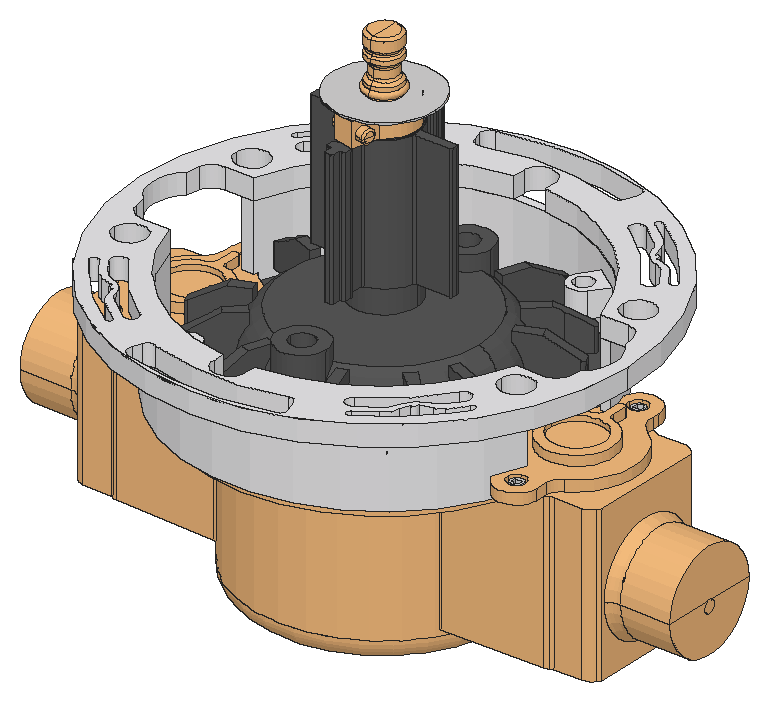
Revit family "Shower-Valves_and_Controls-KALLISTA-P29306_1", category Plumbing Fixtures, host Face, Revit 2022 (continued)
Definition of nested family "P29306"
  Lines and regions (in)
    symbolic lines, detail levels medium+fine
      curve 354: line (-0.1505, 0, 2.49129) -> (-0.1505, 0, 2.42595)
      curve 355: line (0.05883, 0, 2.50134) -> (0.05883, 0, 2.42595)
      curve 356: line (0.06445, 0, 2.53187) -> (0.10516, 0, 2.50336)
      curve 357: line (0.10516, 0, 2.50336) -> (0.10516, 0, 2.42595)
      curve 358: line (0.10992, 0, 2.53187) -> (0.1505, 0, 2.49129)
      curve 359: line (0.1505, 0, 2.49129) -> (0.1505, 0, 2.42595)
      curve 360: line (-0.0213, 0, 2.47857) -> (0.00003, 0, 2.53187)
      curve 361: line (0.00003, 0, 2.53187) -> (0.02836, 0, 2.4914)
      curve 362: line (0.02836, 0, 2.4914) -> (0.02836, 0, 2.42595)
      curve 363: line (0.05883, 0, 2.50134) -> (0.03322, 0, 2.53187)
      curve 364: line (-0.12757, 0, 2.20228) -> (-0.1601, 0, 2.20228)
      curve 365: line (-0.12757, 0, 2.03734) -> (-0.1798, 0, 2.03734)
      curve 366: arc (-0.23581, 0, 2.14146) -> (-0.23708, 0, 2.123) -> (-0.23612, 0, 2.10453) r 0.15324
      curve 367: line (-0.2216, 0, 2.17033) -> (-0.21055, 0, 2.18138)
      curve 368: line (-0.21656, 0, 2.06392) -> (-0.19717, 0, 2.04453)
      curve 369: arc (-0.2216, 0, 2.17033) -> (-0.23109, 0, 2.15707) -> (-0.23581, 0, 2.14146) r 0.04993
      curve 370: arc (-0.19717, 0, 2.04453) -> (-0.1892, 0, 2.0392) -> (-0.1798, 0, 2.03734) r 0.02455
      curve 371: arc (-0.23612, 0, 2.10453) -> (-0.22979, 0, 2.08256) -> (-0.21656, 0, 2.06392) r 0.06825
      curve 372: arc (-0.21055, 0, 2.18138) -> (-0.1874, 0, 2.19685) -> (-0.1601, 0, 2.20228) r 0.07135
      curve 373: line (0.11921, 0, 2.20228) -> (0.1601, 0, 2.20228)
      curve 374: line (0.11921, 0, 2.03734) -> (0.1798, 0, 2.03734)
      curve 375: arc (0.23581, 0, 2.14146) -> (0.23708, 0, 2.123) -> (0.23612, 0, 2.10453) r 0.15324
      curve 376: arc (0.21621, 0, 2.175) -> (0.2294, 0, 2.16022) -> (0.23581, 0, 2.14146) r 0.04993
      curve 377: arc (0.23612, 0, 2.10453) -> (0.22979, 0, 2.08256) -> (0.21656, 0, 2.06392) r 0.06825
      curve 378: arc (0.21621, 0, 2.175) -> (0.19129, 0, 2.1951) -> (0.1601, 0, 2.20228) r 0.07135
      curve 379: arc (0.21656, 0, 2.06392) -> (0.19924, 0, 2.04916) -> (0.1798, 0, 2.03734) r 0.14305
      curve 380: line (-0.19571, 0, 2.77352) -> (0.19571, 0, 2.77352)
      curve 381: line (0.1858, 0, 2.78768) -> (-0.1858, 0, 2.78768)
      curve 382: line (-0.16399, 0, 2.6666) -> (0.16442, 0, 2.6666)
      curve 383: line (-0.14086, 0, 2.77352) -> (-0.15327, 0, 2.73607)
      curve 384: line (-0.15327, 0, 2.73607) -> (-0.15327, 0, 2.67756)
      curve 385: line (-0.15327, 0, 2.67756) -> (-0.14559, 0, 2.6666)
      curve 386: line (-0.07215, 0, 2.77352) -> (-0.10329, 0, 2.74238)
      curve 387: line (-0.10329, 0, 2.74238) -> (-0.10329, 0, 2.68022)
      curve 388: line (-0.10329, 0, 2.68022) -> (-0.09186, 0, 2.6666)
      curve 389: line (-0.10567, 0, 3.00741) -> (-0.18493, 0, 2.94091)
      curve 390: line (-0.18493, 0, 2.94091) -> (-0.18493, 0, 2.82238)
      curve 391: line (-0.18493, 0, 2.82238) -> (-0.15022, 0, 2.78768)
      curve 392: line (-0.06249, 0, 3.00741) -> (-0.13023, 0, 2.93968)
      curve 393: line (-0.13023, 0, 2.93968) -> (-0.13023, 0, 2.84934)
      curve 394: line (-0.13023, 0, 2.84934) -> (-0.10147, 0, 2.78768)
      curve 395: line (-0.00991, 0, 3.00741) -> (-0.07697, 0, 2.94036)
      curve 396: line (-0.07697, 0, 2.94036) -> (-0.07697, 0, 2.86418)
      curve 397: line (-0.07697, 0, 2.86418) -> (-0.04129, 0, 2.78768)
      curve 398: line (0, 0, 2.97946) -> (-0.02858, 0, 2.93864)
      curve 399: line (-0.02858, 0, 2.93864) -> (-0.02858, 0, 2.87901)
      curve 400: line (-0.02858, 0, 2.87901) -> (0.00115, 0, 2.78768)
      curve 401: line (0.10567, 0, 3.00741) -> (0.18493, 0, 2.94091)
      curve 402: line (0.18493, 0, 2.94091) -> (0.18493, 0, 2.82238)
      curve 403: line (0.18493, 0, 2.82238) -> (0.15022, 0, 2.78768)
      curve 404: line (0.06249, 0, 3.00741) -> (0.13023, 0, 2.93968)
      curve 405: line (0.13023, 0, 2.93968) -> (0.13023, 0, 2.84934)
      curve 406: line (0.13023, 0, 2.84934) -> (0.10147, 0, 2.78768)
      curve 407: line (0.00991, 0, 3.00741) -> (0.07697, 0, 2.94036)
      curve 408: line (0.07697, 0, 2.94036) -> (0.07697, 0, 2.86418)
      curve 409: line (0.07697, 0, 2.86418) -> (0.04129, 0, 2.78768)
      curve 410: line (0, 0, 2.97946) -> (0.02858, 0, 2.93864)
      curve 411: line (0.02858, 0, 2.93864) -> (0.02858, 0, 2.87901)
      curve 412: line (0.02858, 0, 2.87901) -> (-0.00115, 0, 2.78768)
      curve 413: line (-0.02178, 0, 2.77352) -> (-0.05682, 0, 2.73176)
      curve 414: line (-0.05682, 0, 2.73176) -> (-0.05682, 0, 2.68587)
      curve 415: line (-0.05682, 0, 2.68587) -> (-0.04332, 0, 2.6666)
      curve 416: line (0.14086, 0, 2.77352) -> (0.15327, 0, 2.73607)
      curve 417: line (0.15327, 0, 2.73607) -> (0.15327, 0, 2.67756)
      curve 418: line (0.15327, 0, 2.67756) -> (0.14559, 0, 2.6666)
      curve 419: line (0.07215, 0, 2.77352) -> (0.10329, 0, 2.74238)
      curve 420: line (0.10329, 0, 2.74238) -> (0.10329, 0, 2.68022)
      curve 421: line (0.10329, 0, 2.68022) -> (0.09186, 0, 2.6666)
      curve 422: line (0.02178, 0, 2.77352) -> (0.05682, 0, 2.73176)
      curve 423: line (0.05682, 0, 2.73176) -> (0.05682, 0, 2.68587)
      curve 424: line (0.05682, 0, 2.68587) -> (0.04332, 0, 2.6666)
      curve 425: line (-0.43163, 0, 0.31102) -> (-0.38941, 0, 1.98396)
      curve 426: line (0.43444, 0, 0.31102) -> (0.37602, 0, 1.98396)
      curve 427: line (-0.03611, 0, 1.67254) -> (-0.03611, 0, 1.93678)
      curve 428: line (0.03359, 0, 1.68954) -> (0.03359, 0, 1.93728)
      curve 429: line (0.0134, 0, 1.95746) -> (-0.01543, 0, 1.95746)
      curve 430: line (-0.04935, 0, 1.65931) -> (-0.07111, 0, 1.65931)
      curve 431: line (0.06583, 0, 1.6573) -> (0.08081, 0, 1.6573)
      curve 432: line (-0.09523, 0, 1.6356) -> (-0.11835, 0, 0.31102)
      curve 433: line (-0.43163, 0, 0.31102) -> (0.43444, 0, 0.31102)
      curve 434: line (0.12016, 0, 0.31102) -> (0.10319, 0, 1.6352)
      curve 435: arc (-0.07111, 0, 1.65931) -> (-0.08802, 0, 1.65239) -> (-0.09523, 0, 1.6356) r 0.02412
      curve 436: arc (0.08081, 0, 1.6573) -> (0.09654, 0, 1.65084) -> (0.10319, 0, 1.6352) r 0.02238
      curve 437: arc (0.06583, 0, 1.6573) -> (0.04303, 0, 1.66674) -> (0.03359, 0, 1.68954) r 0.03224
      curve 438: arc (-0.04935, 0, 1.65931) -> (-0.03999, 0, 1.66318) -> (-0.03611, 0, 1.67254) r 0.01324
      curve 439: arc (-0.03611, 0, 1.93678) -> (-0.03006, 0, 1.9514) -> (-0.01543, 0, 1.95746) r 0.02068
      curve 440: arc (0.03359, 0, 1.93728) -> (0.02768, 0, 1.95155) -> (0.0134, 0, 1.95746) r 0.02018
      curve 441: line (-0.87085, 0, 0.31102) -> (0.87085, 0, 0.31102)
      curve 449: line (-1.36216, 0, -3.1788) -> (1.39375, 0, -3.1788)
      curve 450: line (-1.89182, 0, -2.77202) -> (-3, 0, -2.77202)
      curve 451: line (-3.45099, 0, -2.55764) -> (-4, 0, -2.55764)
      curve 452: line (-4, 0, -2.55764) -> (-4, 0, -1.32055)
      curve 453: arc (-3.22845, 0, -2.67086) -> (-3.32615, 0, -2.58757) -> (-3.45099, 0, -2.55764) r 0.27533
      curve 454: arc (-3, 0, -2.77202) -> (-3.1278, 0, -2.75209) -> (-3.22845, 0, -2.67086) r 0.24951
      curve 455: line (-3.45231, 0, -1.32055) -> (-4, 0, -1.32055)
      curve 456: line (-3.25546, 0, -0.88788) -> (-3.08694, 0, -0.88788)
      curve 457: line (-3.08694, 0, -0.88788) -> (-3.08694, 0, -0.78713)
      curve 458: line (-2.85204, 0, -0.75781) -> (-3.05762, 0, -0.75781)
      curve 459: line (-2.82545, 0, -0.73122) -> (-2.82545, 0, -0.6568)
      curve 460: line (-2.03789, 0, -0.62712) -> (-2.79577, 0, -0.62712)
      curve 461: line (-2.03789, 0, -0.62712) -> (-1.94126, 0, -0.57133)
      curve 462: line (-1.94126, 0, -0.57133) -> (-1.94126, 0, -0.51056)
      curve 463: line (-2.06613, 0, -0.38569) -> (-2.24514, 0, -0.38569)
      curve 464: arc (-1.94126, 0, -0.51056) -> (-1.97783, 0, -0.42226) -> (-2.06613, 0, -0.38569) r 0.12487
      curve 465: arc (-2.82545, 0, -0.6568) -> (-2.81676, 0, -0.63581) -> (-2.79577, 0, -0.62712) r 0.02968
      curve 466: arc (-2.82545, 0, -0.73122) -> (-2.83324, 0, -0.75002) -> (-2.85204, 0, -0.75781) r 0.02659
      curve 467: arc (-3.08694, 0, -0.78713) -> (-3.07835, 0, -0.7664) -> (-3.05762, 0, -0.75781) r 0.02932
      curve 468: line (-3.25546, 0, -1.1237) -> (-3.25546, 0, -0.88788)
      curve 469: arc (-3.45231, 0, -1.32055) -> (-3.31312, 0, -1.26289) -> (-3.25546, 0, -1.1237) r 0.19685
      curve 470: arc (-3.25546, 0, -1.1237) -> (-3.17713, 0, -1.88603) -> (-3.24588, 0, -2.64929) r 3.993
      curve 471: line (-3.25546, 0, -0.88788) -> (3.2406, 0, -0.88788)
      curve 472: line (-2.7692, 0, -1.06457) -> (2.74261, 0, -1.06457)
      curve 473: line (-2.7692, 0, -1.06457) -> (-2.7692, 0, -0.88788)
      curve 474: line (-2.58779, 0, -1.19115) -> (2.53032, 0, -1.19115)
      curve 475: arc (-2.7692, 0, -1.06457) -> (-2.69839, 0, -1.15637) -> (-2.58779, 0, -1.19115) r 0.19328
      curve 476: arc (2.53032, 0, -1.19115) -> (2.6539, 0, -1.1571) -> (2.74261, 0, -1.06457) r 0.24131
      curve 477: line (-2.82545, 0, -0.73122) -> (-2.06468, 0, -0.73122)
      curve 478: line (-2.06468, 0, -0.65836) -> (-2.06468, 0, -0.88788)
      curve 479: line (-1.42781, 0, -0.24825) -> (-1.21203, 0, -0.24825)
      curve 480: line (-1.42781, 0, -0.24825) -> (-1.42781, 0, -0.88788)
      curve 481: line (-1.21203, 0, -0.24825) -> (-1.17851, 0, -0.88788)
      curve 482: line (-3.22156, 0, -2.50563) -> (-1.36216, 0, -2.50563)
      curve 483: line (-1.36216, 0, -2.50563) -> (-1.18178, 0, -3.1788)
      curve 484: arc (-1.61122, 0, -2.98033) -> (-1.52139, 0, -3.12311) -> (-1.36216, 0, -3.1788) r 0.25551
      curve 485: arc (-1.89182, 0, -2.77202) -> (-1.71308, 0, -2.8244) -> (-1.61122, 0, -2.98033) r 0.26899
      curve 486: line (-2.24514, 0, -0.38569) -> (-2.24514, 0, -0.1103)
      curve 487: arc (-2.24514, 0, -0.1103) -> (-2.26862, 0, -0.04089) -> (-2.32942, 0, 0) r 0.11432
      curve 488: line (1.89182, 0, -2.77202) -> (3, 0, -2.77202)
      curve 489: line (3.45099, 0, -2.55764) -> (4, 0, -2.55764)
      curve 490: line (4, 0, -2.55764) -> (4, 0, -1.32055)
      curve 491: arc (3.22845, 0, -2.67086) -> (3.32615, 0, -2.58757) -> (3.45099, 0, -2.55764) r 0.27533
      curve 492: arc (3, 0, -2.77202) -> (3.1278, 0, -2.75209) -> (3.22845, 0, -2.67086) r 0.24951
      curve 493: line (3.45231, 0, -1.32055) -> (4, 0, -1.32055)
      curve 494: line (3.25546, 0, -0.88788) -> (3.08694, 0, -0.88788)
      curve 495: line (3.08694, 0, -0.88788) -> (3.08694, 0, -0.78713)
      curve 496: line (2.85204, 0, -0.75781) -> (3.05762, 0, -0.75781)
      curve 497: line (2.82545, 0, -0.73122) -> (2.82545, 0, -0.6568)
      curve 498: line (2.03789, 0, -0.62712) -> (2.79577, 0, -0.62712)
      curve 499: line (2.03789, 0, -0.62712) -> (1.94126, 0, -0.57133)
      curve 500: line (1.94126, 0, -0.57133) -> (1.94126, 0, -0.51056)
      curve 501: line (2.06613, 0, -0.38569) -> (2.24514, 0, -0.38569)
      curve 502: arc (1.94126, 0, -0.51056) -> (1.97783, 0, -0.42226) -> (2.06613, 0, -0.38569) r 0.12487
      curve 503: arc (2.82545, 0, -0.6568) -> (2.81676, 0, -0.63581) -> (2.79577, 0, -0.62712) r 0.02968
      curve 504: arc (2.82545, 0, -0.73122) -> (2.83324, 0, -0.75002) -> (2.85204, 0, -0.75781) r 0.02659
      curve 505: arc (3.08694, 0, -0.78713) -> (3.07835, 0, -0.7664) -> (3.05762, 0, -0.75781) r 0.02932
      curve 506: line (3.25546, 0, -1.1237) -> (3.25546, 0, -0.88788)
      curve 507: arc (3.45231, 0, -1.32055) -> (3.31312, 0, -1.26289) -> (3.25546, 0, -1.1237) r 0.19685
      curve 508: arc (3.25546, 0, -1.1237) -> (3.17713, 0, -1.88603) -> (3.24588, 0, -2.64929) r 3.993
      curve 509: line (2.74459, 0, -1.06457) -> (2.74459, 0, -0.88788)
      curve 510: line (2.82545, 0, -0.73122) -> (2.06468, 0, -0.73122)
      curve 511: line (2.06468, 0, -0.65836) -> (2.06468, 0, -0.88788)
      curve 512: line (1.42781, 0, -0.24825) -> (1.21203, 0, -0.24825)
      curve 513: line (1.42781, 0, -0.24825) -> (1.42781, 0, -0.88788)
      curve 514: line (1.21203, 0, -0.24825) -> (1.17851, 0, -0.88788)
      curve 515: line (3.22156, 0, -2.50563) -> (1.36216, 0, -2.50563)
      curve 516: line (1.36216, 0, -2.50563) -> (1.18178, 0, -3.1788)
      curve 517: arc (1.61122, 0, -2.98033) -> (1.52139, 0, -3.12311) -> (1.36216, 0, -3.1788) r 0.25551
      curve 518: arc (1.89182, 0, -2.77202) -> (1.71308, 0, -2.8244) -> (1.61122, 0, -2.98033) r 0.26899
      curve 519: line (2.24514, 0, -0.38569) -> (2.24514, 0, -0.1103)
      curve 520: arc (2.24514, 0, -0.1103) -> (2.26862, 0, -0.04089) -> (2.32942, 0, 0) r 0.11432
      curve 521: circle (0, 0, -1.94151) r 0.65051 normal (1, 0, 0)
      curve 522: circle (0, 0, -1.94601) r 0.51698 normal (1, 0, 0)
      curve 523: arc (0, 0.80025, -1.59369) -> (0, -0.02404, -1.04983) -> (0, -0.81666, -1.63888) r 0.86049
      curve 524: arc (0, -0.81666, -2.18108) -> (0, -0.02404, -2.77013) -> (0, 0.80025, -2.22627) r 0.86049
      curve 525: line (0, 0.80025, -1.28015) -> (0, 0.80025, -2.5959)
      curve 526: line (0, 0.6034, -2.79275) -> (0, -0.61981, -2.79275)
      curve 527: line (0, -0.81666, -2.5959) -> (0, -0.81666, -1.21817)
      curve 528: line (0, 0.9971, -1.0833) -> (0, 2.20363, -1.0833)
      curve 529: arc (0, 0.9971, -1.0833) -> (0, 0.8579, -1.14096) -> (0, 0.80025, -1.28015) r 0.19685
      curve 530: line (0, -0.93646, -1.09837) -> (0, -1.69061, -1.09837)
      curve 531: arc (0, -0.81666, -1.21817) -> (0, -0.85175, -1.13346) -> (0, -0.93646, -1.09837) r 0.11979
      curve 532: arc (0, 0.80025, -2.5959) -> (0, 0.74259, -2.7351) -> (0, 0.6034, -2.79275) r 0.19685
      curve 533: arc (0, -0.61981, -2.79275) -> (0, -0.75901, -2.7351) -> (0, -0.81666, -2.5959) r 0.19685
      curve 534: line (0, 0.3708, 2.27311) -> (0, 0.3708, 1.98045)
      curve 535: line (0, 0.3708, 1.98045) -> (0, -0.59723, 1.98045)
      curve 536: line (0, -0.59723, 1.98045) -> (0, -0.59723, 2.27311)
      curve 537: circle (0, -0.45532, 2.11819) r 0.03977 normal (1, 0, 0)
      curve 538: circle (0, -0.46063, 2.11988) r 0.07867 normal (1, 0, 0)
      curve 539: arc (0, -0.47014, 2.19797) -> (0, -0.56014, 2.12858) -> (0, -0.48356, 2.04462) r 0.07723
      curve 540: line (0, 0.04292, 1.98045) -> (0, 0.07206, 0.31102)
      curve 541: line (0, -0.07251, 0.3085) -> (0, -0.04333, 1.98045)
      curve 542: line (0, 0.02562, 1.98045) -> (0, 0.02562, 1.6562)
      curve 543: line (0, -0.02898, 1.65105) -> (0, -0.02898, 1.98045)
      curve 544: line (0, -0.01746, 1.65768) -> (0, 0.02, 1.65768)
      curve 545: line (0, 0.03135, 1.64633) -> (0, 0.03135, 0.84933)
      curve 546: line (0, -0.04871, 0.84203) -> (0, -0.03078, 1.64466)
      curve 547: arc (0, 0.02, 1.65768) -> (0, 0.02803, 1.65436) -> (0, 0.03135, 1.64633) r 0.01135
      curve 548: arc (0, -0.03078, 1.64466) -> (0, -0.02677, 1.65389) -> (0, -0.01746, 1.65768) r 0.01332
      curve 549: line (0, 0.05251, 0.31102) -> (0, 0.05251, 0.821)
      curve 550: line (0, -0.06279, 0.31102) -> (0, -0.05111, 0.8336)
      curve 551: line (0, -0.03379, 0.85054) -> (0, 0.02297, 0.85054)
      curve 552: arc (0, 0.05251, 0.821) -> (0, 0.04386, 0.84189) -> (0, 0.02297, 0.85054) r 0.02954
      curve 553: arc (0, -0.05111, 0.8336) -> (0, -0.04591, 0.8456) -> (0, -0.03379, 0.85054) r 0.01733
      curve 554: line (0, 0.76678, 0.31102) -> (0, 0.76678, 0.83488)
      curve 555: line (0, 0.72872, 0.31102) -> (0, 0.72872, 1.65892)
      curve 556: line (0, 0.58851, 0.31102) -> (0, 0.58851, 2.25626)
      curve 557: line (0, 0.43978, 0.31102) -> (0, 0.43978, 1.95621)
      curve 558: line (0, 0, 1.95621) -> (0, 0.43978, 1.95621)
      curve 559: line (0, 0.17672, 2.80735) -> (0, -0.17798, 2.80735)
      curve 560: line (0, 0, 3.00741) -> (0, 0.02761, 2.97981)
      curve 561: line (0, 0.02761, 2.97981) -> (0, 0.02761, 2.8486)
      curve 562: line (0, 0.02761, 2.8486) -> (0, 0.00331, 2.80735)
      curve 563: line (0, 0.0454, 3.00741) -> (0, 0.07262, 2.9802)
      curve 564: line (0, 0.07262, 2.9802) -> (0, 0.07262, 2.86206)
      curve 565: line (0, 0.07262, 2.86206) -> (0, 0.0471, 2.80735)
      curve 566: line (0, 0.09759, 3.00741) -> (0, 0.11662, 2.97445)
      curve 567: line (0, 0.11662, 2.97445) -> (0, 0.11662, 2.8688)
      curve 568: line (0, 0.11662, 2.8688) -> (0, 0.09426, 2.80735)
      curve 569: line (0, 0.1279, 3.00741) -> (0, 0.15147, 2.96659)
      curve 570: line (0, 0.15147, 2.96659) -> (0, 0.15147, 2.87132)
      curve 571: line (0, 0.15147, 2.87132) -> (0, 0.12164, 2.80735)
      curve 572: line (0, 0, 3.00741) -> (0, -0.02761, 2.97981)
      curve 573: line (0, -0.02761, 2.97981) -> (0, -0.02761, 2.8486)
      curve 574: line (0, -0.02761, 2.8486) -> (0, -0.00331, 2.80735)
      curve 575: line (0, -0.0454, 3.00741) -> (0, -0.07262, 2.9802)
      curve 576: line (0, -0.07262, 2.9802) -> (0, -0.07262, 2.86206)
      curve 577: line (0, -0.07262, 2.86206) -> (0, -0.0471, 2.80735)
      curve 578: line (0, -0.09759, 3.00741) -> (0, -0.11662, 2.97445)
      curve 579: line (0, -0.11662, 2.97445) -> (0, -0.11662, 2.8688)
      curve 580: line (0, -0.11662, 2.8688) -> (0, -0.09426, 2.80735)
      curve 581: line (0, -0.1279, 3.00741) -> (0, -0.15147, 2.96659)
      curve 582: line (0, -0.15147, 2.96659) -> (0, -0.15147, 2.87132)
      curve 583: line (0, -0.15147, 2.87132) -> (0, -0.12164, 2.80735)
      curve 584: line (0, 0, 2.60728) -> (0, 0.02761, 2.63489)
      curve 585: line (0, 0.02761, 2.63489) -> (0, 0.02761, 2.7661)
      curve 586: line (0, 0.02761, 2.7661) -> (0, 0.00331, 2.80735)
      curve 587: line (0, 0.04656, 2.60844) -> (0, 0.07262, 2.6345)
      curve 588: line (0, 0.07262, 2.6345) -> (0, 0.07262, 2.75263)
      curve 589: line (0, 0.07262, 2.75263) -> (0, 0.0471, 2.80735)
      curve 590: line (0, 0.09826, 2.60844) -> (0, 0.11662, 2.64024)
      curve 591: line (0, 0.11662, 2.64024) -> (0, 0.11662, 2.74589)
      curve 592: line (0, 0.11662, 2.74589) -> (0, 0.09426, 2.80735)
      curve 593: line (0, 0.12857, 2.60844) -> (0, 0.15147, 2.64811)
      curve 594: line (0, 0.15147, 2.64811) -> (0, 0.15147, 2.74337)
      curve 595: line (0, 0.15147, 2.74337) -> (0, 0.12164, 2.80735)
      curve 596: line (0, 0, 2.60728) -> (0, -0.02761, 2.63489)
      curve 597: line (0, -0.02761, 2.63489) -> (0, -0.02761, 2.7661)
      curve 598: line (0, -0.02761, 2.7661) -> (0, -0.00331, 2.80735)
      curve 599: line (0, -0.04656, 2.60844) -> (0, -0.07262, 2.6345)
      curve 600: line (0, -0.07262, 2.6345) -> (0, -0.07262, 2.75263)
      curve 601: line (0, -0.07262, 2.75263) -> (0, -0.0471, 2.80735)
      curve 602: line (0, -0.09826, 2.60844) -> (0, -0.11662, 2.64024)
      curve 603: line (0, -0.11662, 2.64024) -> (0, -0.11662, 2.74589)
      curve 604: line (0, -0.11662, 2.74589) -> (0, -0.09426, 2.80735)
      curve 605: line (0, -0.12857, 2.60844) -> (0, -0.15147, 2.64811)
      curve 606: line (0, -0.15147, 2.64811) -> (0, -0.15147, 2.74337)
      curve 607: line (0, -0.15147, 2.74337) -> (0, -0.12164, 2.80735)
      curve 608: line (0, 0.16021, 2.5174) -> (0, -0.16021, 2.5174)
      curve 609: line (0, 0.17578, 2.42043) -> (0, -0.17177, 2.42043)
      curve 610: line (0, 0, 2.5174) -> (0, 0.02475, 2.49265)
      curve 611: line (0, 0.02475, 2.49265) -> (0, 0.02475, 2.43903)
      curve 612: line (0, 0.00615, 2.42043) -> (0, 0.02475, 2.43903)
      curve 613: line (0, 0.03375, 2.5174) -> (0, 0.05735, 2.49379)
      curve 614: line (0, 0.05735, 2.49379) -> (0, 0.05735, 2.4509)
      curve 615: line (0, 0.05735, 2.4509) -> (0, 0.03601, 2.42043)
      curve 616: line (0, 0.07051, 2.5174) -> (0, 0.0866, 2.48953)
      curve 617: line (0, 0.0866, 2.48953) -> (0, 0.0866, 2.44836)
      curve 618: line (0, 0.0866, 2.44836) -> (0, 0.07048, 2.42043)
      curve 619: line (0, 0, 2.5174) -> (0, -0.02475, 2.49265)
      curve 620: line (0, -0.02475, 2.49265) -> (0, -0.02475, 2.43903)
      curve 621: line (0, -0.00615, 2.42043) -> (0, -0.02475, 2.43903)
      curve 622: line (0, -0.03375, 2.5174) -> (0, -0.05735, 2.49379)
      curve 623: line (0, -0.05735, 2.49379) -> (0, -0.05735, 2.4509)
      curve 624: line (0, -0.05735, 2.4509) -> (0, -0.03601, 2.42043)
      curve 625: line (0, -0.07051, 2.5174) -> (0, -0.0866, 2.48953)
      curve 626: line (0, -0.0866, 2.48953) -> (0, -0.0866, 2.44836)
      curve 627: line (0, -0.0866, 2.44836) -> (0, -0.07048, 2.42043)
      curve 628: line (0, -0.76678, 0.31102) -> (0, -0.76678, 0.83488)
      curve 629: line (0, -0.72872, 0.31102) -> (0, -0.72872, 1.65892)
      curve 630: line (0, -0.58851, 0.31102) -> (0, -0.58851, 1.96176)
      curve 631: line (0, -0.43978, 0.31102) -> (0, -0.43978, 1.95621)
      curve 632: line (0, 0, 1.95621) -> (0, -0.43978, 1.95621)
      curve 633: line (0, 1.82552, -0.88982) -> (0, 1.84803, -0.24513)
      curve 634: line (0, 1.84803, -0.24513) -> (0, 2.00678, -0.24513)
      curve 635: line (0, 2.00678, -0.24513) -> (0, 2.00678, -0.89615)
      curve 636: line (0, 2.20363, -0.89615) -> (0, -2.19992, -0.89615)
      curve 637: line (0, 1.19395, -0.89615) -> (0, 1.19395, -0.763)
      curve 638: line (0, 1.19395, -0.763) -> (0, -1.16826, -0.763)
      curve 639: line (0, -1.16826, -0.763) -> (0, -1.16826, -0.89615)
      curve 640: line (0, 0.41098, -0.62318) -> (0, -0.41098, -0.62318)
      curve 641: line (0, 0.44394, -0.67364) -> (0, 0.44394, -0.65615)
      curve 642: arc (0, 0.44394, -0.65615) -> (0, 0.43429, -0.63284) -> (0, 0.41098, -0.62318) r 0.03296
      curve 643: line (0, 0.44394, -0.69827) -> (0, 0.66775, -0.69827)
      curve 644: arc (0, 0.66775, -0.69827) -> (0, 0.69082, -0.70637) -> (0, 0.70378, -0.7271) r 0.03694
      curve 645: arc (0, 0.70378, -0.7271) -> (0, 0.72078, -0.75121) -> (0, 0.74984, -0.75624) r 0.03854
      curve 646: line (0, 0.65254, -0.763) -> (0, 0.65254, -0.72097)
      curve 647: line (0, 0.65254, -0.72097) -> (0, 0.46252, -0.72097)
      curve 648: line (0, 0.46252, -0.72097) -> (0, 0.46252, -0.763)
      curve 649: line (0, 0.7267, -0.65339) -> (0, 0.4361, -0.20591)
      curve 650: line (0, 0.7267, -0.65339) -> (0, 0.86138, -0.65339)
      curve 651: line (0, 0.86138, -0.65339) -> (0, 0.4857, -0.15485)
      curve 652: line (0, 0.4857, -0.15485) -> (0, -0.4857, -0.15485)
      curve 653: line (0, 0.7267, -0.65339) -> (0, 0.7267, -0.75427)
      curve 654: arc (0, 0.4361, -0.20591) -> (0, 0.44884, -0.41275) -> (0, 0.47116, -0.61878) r 4.46218
      curve 655: line (0, 0.72263, -0.64713) -> (0, 0.5035, -0.64713)
      curve 656: arc (0, 0.5035, -0.64713) -> (0, 0.482, -0.63904) -> (0, 0.47116, -0.61878) r 0.03262
      curve 657: line (0, 0.68533, -0.38755) -> (0, 1.1433, -0.38755)
      curve 658: line (0, 1.28311, -0.89615) -> (0, 1.28311, -0.52736)
      curve 659: arc (0, 1.28311, -0.52736) -> (0, 1.24216, -0.4285) -> (0, 1.1433, -0.38755) r 0.13981
      curve 660: arc (0, 0.90127, -0.38755) -> (0, 0.90966, -0.49533) -> (0, 0.91139, -0.60343) r 1.75242
      curve 661: line (0, 1.28311, -0.63626) -> (0, 0.94374, -0.63626)
      curve 662: arc (0, 0.94374, -0.63626) -> (0, 0.92069, -0.62661) -> (0, 0.91139, -0.60343) r 0.03236
      curve 663: arc (0, 0.86213, -0.39182) -> (0, 0.87165, -0.53358) -> (0, 0.86939, -0.67563) r 1.71305
      curve 664: line (0, 1.28311, -0.67563) -> (0, 0.94374, -0.67563)
      curve 665: line (0, 0.68533, -0.38755) -> (0, 0.66829, -0.14385)
      curve 666: line (0, 0.66829, -0.14385) -> (0, 0.75607, -0.14385)
      curve 667: line (0, 0.75607, -0.14385) -> (0, 0.75607, 0.053)
      curve 668: line (0, 0.94374, -0.67563) -> (0, 0.7267, -0.67563)
      curve 669: line (0, 0.74984, -0.75624) -> (0, 0.74984, -0.67563)
      curve 670: line (0, -1.82552, -0.88982) -> (0, -1.84803, -0.24513)
      curve 671: line (0, -1.84803, -0.24513) -> (0, -2.00678, -0.24513)
      curve 672: line (0, -2.00678, -0.24513) -> (0, -2.00678, -0.89615)
      curve 673: line (0, -1.19395, -0.89615) -> (0, -1.19395, -0.763)
      curve 674: arc (0, -0.44394, -0.65615) -> (0, -0.43429, -0.63284) -> (0, -0.41098, -0.62318) r 0.03296
      curve 675: line (0, -0.44394, -0.69827) -> (0, -0.66775, -0.69827)
      curve 676: arc (0, -0.66775, -0.69827) -> (0, -0.69082, -0.70637) -> (0, -0.70378, -0.7271) r 0.03694
      curve 677: arc (0, -0.70378, -0.7271) -> (0, -0.72078, -0.75121) -> (0, -0.74984, -0.75624) r 0.03854
      curve 678: line (0, -0.65254, -0.763) -> (0, -0.65254, -0.72097)
      curve 679: line (0, -0.65254, -0.72097) -> (0, -0.46252, -0.72097)
      curve 680: line (0, -0.46252, -0.72097) -> (0, -0.46252, -0.763)
      curve 681: line (0, -0.7267, -0.65339) -> (0, -0.4361, -0.20591)
      curve 682: line (0, -0.7267, -0.65339) -> (0, -0.86138, -0.65339)
      curve 683: line (0, -0.86138, -0.65339) -> (0, -0.4857, -0.15485)
      curve 684: line (0, -0.7267, -0.65339) -> (0, -0.7267, -0.75427)
      curve 685: arc (0, -0.4361, -0.20591) -> (0, -0.44884, -0.41275) -> (0, -0.47116, -0.61878) r 4.46218
      curve 686: line (0, -0.72263, -0.64713) -> (0, -0.5035, -0.64713)
      curve 687: arc (0, -0.5035, -0.64713) -> (0, -0.482, -0.63904) -> (0, -0.47116, -0.61878) r 0.03262
      curve 688: line (0, -0.68533, -0.38755) -> (0, -1.1433, -0.38755)
      curve 689: line (0, -1.28311, -0.89615) -> (0, -1.28311, -0.52736)
      curve 690: arc (0, -1.28311, -0.52736) -> (0, -1.24216, -0.4285) -> (0, -1.1433, -0.38755) r 0.13981
      curve 691: arc (0, -0.90127, -0.38755) -> (0, -0.90966, -0.49533) -> (0, -0.91139, -0.60343) r 1.75242
      curve 692: line (0, -1.28311, -0.63626) -> (0, -0.94374, -0.63626)
      curve 693: arc (0, -0.94374, -0.63626) -> (0, -0.92069, -0.62661) -> (0, -0.91139, -0.60343) r 0.03236
      curve 694: arc (0, -0.86213, -0.39182) -> (0, -0.87165, -0.53358) -> (0, -0.86939, -0.67563) r 1.71305
      curve 695: line (0, -1.28311, -0.67563) -> (0, -0.94374, -0.67563)
      curve 696: line (0, -0.68533, -0.38755) -> (0, -0.66829, -0.14385)
      curve 697: line (0, -0.66829, -0.14385) -> (0, -0.75607, -0.14385)
      curve 698: line (0, -0.75607, -0.14385) -> (0, -0.75607, 0.053)
      curve 699: line (0, -0.94374, -0.67563) -> (0, -0.7267, -0.67563)
      curve 700: line (0, -0.74984, -0.75624) -> (0, -0.74984, -0.67563)
      curve 701: line (0, -0.44394, -0.65615) -> (0, -0.44394, -0.763)
      curve 702: line (0, 0.44394, -0.67364) -> (0, 0.44394, -0.763)
      curve 703: line (0, -0.66829, -0.14385) -> (0, 0.66829, -0.14385)
      curve 704: line (0, 0.80025, -1.28015) -> (0, 2.20363, -1.28015)
      curve 705: line (0, -0.81666, -1.21817) -> (0, -1.61826, -1.21817)
      curve 706: line (0, 0.20364, 2.27311) -> (0, -0.20364, 2.27311)
      curve 707: line (0, 0.16659, 2.34872) -> (0, -0.16659, 2.34872)
      curve 708: line (0, -0.15466, 2.60844) -> (0, 0.15466, 2.60844)
      curve 709: line (0, 0.10744, 2.5174) -> (0, 0.12596, 2.48532)
      curve 710: line (0, 0.12596, 2.48532) -> (0, 0.12596, 2.45019)
      curve 711: line (0, 0.12596, 2.45019) -> (0, 0.10878, 2.42043)
      curve 712: line (0, 0.13927, 2.5174) -> (0, 0.16659, 2.47838)
      curve 713: line (0, 0.16659, 2.47838) -> (0, 0.16659, 2.44584)
      curve 714: line (0, 0.16659, 2.44584) -> (0, 0.14118, 2.42043)
      curve 715: line (0, -0.10744, 2.5174) -> (0, -0.12596, 2.48532)
      curve 716: line (0, -0.12596, 2.48532) -> (0, -0.12596, 2.45019)
      curve 717: line (0, -0.12596, 2.45019) -> (0, -0.10878, 2.42043)
      curve 718: line (0, -0.13927, 2.5174) -> (0, -0.16659, 2.47838)
      curve 719: line (0, -0.16659, 2.47838) -> (0, -0.16659, 2.44584)
      curve 720: line (0, -0.16659, 2.44584) -> (0, -0.14118, 2.42043)
      curve 725: line (0, 0.87092, 0.31102) -> (0, -0.87092, 0.31102)
      curve 726: line (-0.1732, 0, 2.41546) -> (0.17401, 0, 2.41546)
      curve 727: line (0.16659, 0, 2.34493) -> (-0.16659, 0, 2.34493)
      curve 728: line (-0.20364, 0, 2.33144) -> (0.20364, 0, 2.33144)
      curve 729: line (0.20275, 0, 2.29982) -> (-0.20355, 0, 2.29982)
      curve 730: line (-0.20364, 0, 2.26932) -> (0.20364, 0, 2.26932)
      curve 731: line (-2.32942, 0, 0) -> (-2.32942, 0, 0.053)
      curve 732: line (2.32942, 0, 0) -> (2.32942, 0, 0.053)
      curve 733: line (-0.29879, 0, 2.01728) -> (-0.12757, 0, 2.01728)
      curve 734: line (0.29879, 0, 2.01728) -> (0.11921, 0, 2.01728)
      curve 735: line (-0.29879, 0, 1.98258) -> (-0.12757, 0, 1.98258)
      curve 736: line (0.29879, 0, 1.98258) -> (0.11921, 0, 1.98258)
      curve 737: line (0, 0.4361, -0.20591) -> (0, -0.4361, -0.20591)
    symbolic lines, detail levels coarse
      curve 442: line (0.00267, 0, -1.86923) -> (0.00267, 0, -2.45978)
      curve 443: line (-0.78473, 0, -1.67238) -> (0.79007, 0, -2.06608)
      curve 444: line (-0.78473, 0, -2.06608) -> (0.79007, 0, -1.67238)
      curve 445: line (-0.78473, 0, -1.67238) -> (-0.78473, 0, -2.06608)
      curve 446: line (0.79007, 0, -1.67238) -> (0.79007, 0, -2.06608)
      curve 447: line (0.39637, 0, -2.45978) -> (-0.39103, 0, -2.45978)
      curve 448: arc (-0.39103, 0, -2.45978) -> (0.00267, 0, -2.77401) -> (0.39637, 0, -2.45978) r 0.40375
    symbolic lines
      curve 721: line (0, 2.05985, -2.61409) -> (0, 1.3687, -2.61409)
      curve 722: line (0, -1.61739, -2.91646) -> (0, 1.35287, -2.91646)
      curve 723: arc (0, 1.45984, -3.1788) -> (0, 1.35121, -2.90662) -> (0, 1.3687, -2.61409) r 0.67217
      curve 724: line (0, 2.34097, 0.053) -> (0, -2.34097, 0.053)
  Dimensions and locks (in)
    aligned and locked: plane 2 to level
    aligned and locked: plane 16 to curve 447
    aligned and locked: plane 17 "K" to plane 15
    aligned and locked: plane 17 "K" to Extrusion 22 sketch curve
    aligned and locked: plane 3 "Center (Left/Right)" to Extrusion 22 sketch curve
    aligned and locked: plane 3 "Center (Left/Right)" to Extrusion 44 sketch curve
    aligned and locked: plane 17 "K" to Extrusion 44 sketch curve
    aligned and locked: plane 1 "Center (Front/Back)" to Extrusion 45 sketch curve
    aligned and locked: plane 18 "W" to Extrusion 45 sketch curve
    aligned and locked: plane 1 "Center (Front/Back)" to Extrusion 46 sketch curve
    aligned and locked: plane 18 "W" to Extrusion 46 sketch curve
    aligned and locked: Masking region 3 sketch curve to plane 14
    aligned and locked: Masking region 3 sketch curve to plane 8
    aligned and locked: Masking region 3 sketch curve to plane 10  (x2)
    aligned and locked: Masking region 1 sketch curve to plane 5
    aligned and locked: Masking region 1 sketch curve to plane 4
    aligned and locked: Revolve 9 to plane 5  (x2)
    aligned and locked: plane 5 to curve 452
    aligned and locked: Revolve 19 to plane 4  (x2)
    aligned and locked: Revolve 9 to Extrusion 46
    aligned and locked: Extrusion 45 to Revolve 19
    aligned and locked: plane 20 to Masking region 3 sketch curve
